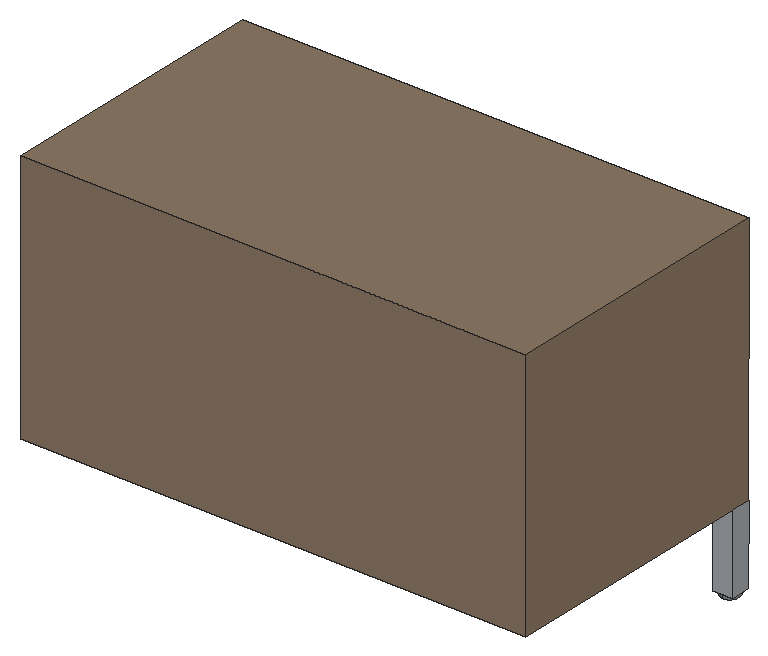
Revit family
Parameters
  URL = "http://www.martinbrattrud.com"
  Table [instance] = none
  SCS Certified Product = "Yes"
  Model = "Bristol 249-00L"
  Manufacturer = "Martin Brattrud, Inc."
  Keynote = "125000"
  Copyright = "© 2013 Martin Brattrud, Inc."
  Authoring Version = "Revit Architecture 2010"
  Assembly Code = "E2020200"
Reference planes (in)
  plane 1 "Center Front/Back": y = 0
  plane 2: z = 0
  plane 3 "Center Left/Right": x = 0
Forms (in)
  Extrusion 1, solid, material <- "Table"
    sketch origin (0, 0, 0) x (1, 0, 0) y (0, 1, 0)
      loop
        line (-12.75, 7) -> (-12.75, -7) -> (12.75, -7) -> (12.75, 7) -> (-12.75, 7)
    from 4.25 to 17
Nested families (in)
  nested 1: "Bristol Leg" at (12.25, 6.5, 0), type "Bristol Leg"
Definition of nested family "Bristol Leg"
  Parameters
    URL = "http://www.martinbrattrud.com"
    SCS Certified Product = ""
    Model = ""
    Leg = none
    Manufacturer = "Martin Brattrud, Inc."
    Keynote = "125000"
    Copyright = "© 2013 Martin Brattrud, Inc."
    Authoring Version = "Revit Architecture 2010"
    Assembly Code = "E2020200"
  Reference planes (in)
    plane 1 "Center Front/Back": y = 0
    plane 2: z = 0
    plane 3 "Center Left/Right": x = 0
  Forms (in)
    Extrusion 1, solid, material <- "Leg"
      sketch origin (0, 0, 0) x (1, 0, 0) y (0, 1, 0)
        loop
          line (-0.5, 0.5) -> (-0.5, -0.5) -> (0.5, -0.5) -> (0.5, 0.5) -> (-0.5, 0.5)
      from 0.25 to 4.25
    Revolve 2, solid, material <- "Leg"
      sketch origin (0, 0, 0) x (0, 1, 0) y (0, 0, 1)
        loop
          line (0, 0) -> (0.25, 0)
          arc (0.25, 0) -> (0.42678, 0.07322) -> (0.5, 0.25) r 0.25
          line (0.5, 0.25) -> (0, 0.25) -> (0, 0)
        axis (0, 0.25) -> (0, 0)
      angle from 0 to 360
